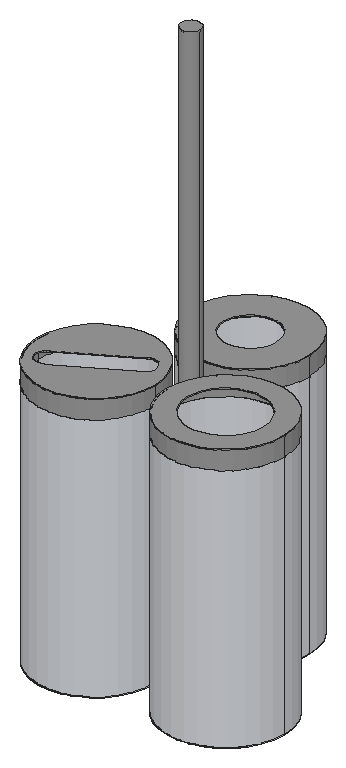
Revit family "Урна для раздельного сбора мусора ПА048", category Антураж, Revit 2017
Family settings
  На основе рабочей плоскости = Нет
  Всегда вертикально = Да
  При загрузке вырезать с полостями = Нет
  Источник визуального образа = Геометрия семейства
  Общий = Нет
  Точка расчета площади = Нет
Parameters (values of type "Урна для раздельного сбора мусора ПА048 шлифованная")
  Стоимость = 16975
  Изготовитель = "ООО «Хоббика»"
  Высота = 0 mm
  URL = "https://hobbyka.ru/product/urna_dlya_razdelnogo_sbora_musora_pa048/?sphrase_id=82880"
  ADSK_Размер_Ширина = 310 mm
  ADSK_Размер_Высота = 700 mm
  ADSK_Объем = 90.00 m³
  ADSK_Наименование = "Урна для раздельного сбора мусора ПА048"
  ADSK_Материал урны = Сталь, нержавеющая, шлифованная
  ADSK_Масса = 0.00 kg
  ADSK_Код изделия = "9698"
Types (3, lengths in mm): name | Стоимость
  (no name) | 16975
  Урна для раздельного сбора мусора ПА048 шлифованная | 16975
  Урна для раздельного сбора мусора ПА048 перфорированная с разноцветными емкостями | 21565
Reference planes
  plane 1 "По центру (Вперед/Назад)": y = 0
  plane 2: z = 0
  plane 3 "По центру (Влево/Вправо)": x = 0
  plane 4: z = 700
Forms (mm)
  Extrusion 1, solid, material "Сталь, нержавеющая, шлифованная" <- "ADSK_Материал урны"
    sketch origin (0, 0, 0) x (1, 0, 0) y (0, 1, 0)
      loop
        circle (0, 0) r 25.003
    from 0 to 1500
  Extrusion 2, solid
    sketch origin (0, 0, 0) x (1, 0, 0) y (0, 1, 0)
      loop
        circle (168.894, -97.448) r 155
      loop
        circle (-168.778, -97.448) r 155
      loop
        circle (0, 195.003) r 155
      loop
        circle (0, 195.003) r 153
      loop
        circle (168.894, -97.448) r 153
      loop
        circle (-168.778, -97.448) r 153
    from 0 to 650
  Extrusion 3, solid, material "Сталь, нержавеющая, шлифованная" <- "ADSK_Материал урны"
    sketch origin (0, 0, 0) x (1, 0, 0) y (0, 1, 0)
      loop
        circle (168.894, -97.448) r 155
      loop
        circle (-168.778, -97.448) r 155
      loop
        circle (0, 195.003) r 155
      loop
        circle (0, 195.003) r 153
      loop
        circle (168.894, -97.448) r 153
      loop
        circle (-168.778, -97.448) r 153
    from 650 to 700
  Extrusion 4, solid, material "Сталь, нержавеющая, шлифованная" <- "ADSK_Материал урны"
    sketch origin (0, 0, 0) x (1, 0, 0) y (0, 1, 0)
      loop
        circle (0, 195.003) r 155
      loop
        circle (168.894, -97.448) r 155
      loop
        circle (-168.778, -97.448) r 155
      loop
        line (-240.38, -173.462) -> (-67.175, -73.462) -> (-60.962, -68.695) -> (-56.194, -62.482) -> (-53.197, -55.246) -> (-52.175, -47.482) -> (-53.197, -39.717) -> (-56.194, -32.482) -> (-60.962, -26.268) -> (-67.175, -21.501) -> (-74.41, -18.504) -> (-82.175, -17.482) -> (-89.94, -18.504) -> (-97.175, -21.501) -> (-270.38, -121.501) -> (-276.593, -126.268) -> (-281.361, -132.482) -> (-284.358, -139.717) -> (-285.38, -147.482) -> (-284.358, -155.246) -> (-281.361, -162.482) -> (-276.593, -168.695) -> (-270.38, -173.462) -> (-263.145, -176.459) -> (-255.38, -177.482) -> (-247.616, -176.459) -> (-240.38, -173.462)
      loop
        circle (0, 195.003) r 69.995
      loop
        circle (168.894, -97.448) r 100
    from 698 to 700
  Extrusion 5, solid
    sketch origin (0, 0, 0) x (1, 0, 0) y (0, 1, 0)
      loop
        line (65.767, 45.664) -> (63.797, 48.375) -> (53.363, 45.816) -> (42.827, 43.715) -> (32.209, 42.077) -> (21.529, 40.905) -> (10.809, 40.201) -> (5.105, 40.076) -> (3.314, 40.001) -> (1.673, 40.001) -> (0.888, 39.984) -> (0.068, 40.001) -> (-0.752, 39.984) -> (-1.537, 40.001) -> (-3.178, 40.001) -> (-4.969, 40.076) -> (-10.673, 40.201) -> (-21.393, 40.905) -> (-32.073, 42.077) -> (-42.691, 43.715) -> (-53.227, 45.816) -> (-63.661, 48.375) -> (-65.631, 45.664) -> (-67.486, 42.872) -> (-69.222, 40.006) -> (-70.836, 37.069) -> (-72.326, 34.068) -> (-73.689, 31.006) -> (-66.256, 23.249) -> (-59.169, 15.175) -> (-52.441, 6.798) -> (-46.087, -1.864) -> (-40.117, -10.797) -> (-37.156, -15.674) -> (-36.196, -17.187) -> (-35.375, -18.609) -> (-34.543, -19.981) -> (-33.771, -21.388) -> (-32.95, -22.81) -> (-32.12, -24.398) -> (-29.376, -29.4) -> (-24.625, -39.037) -> (-20.301, -48.871) -> (-16.41, -58.886) -> (-12.961, -69.061) -> (-9.96, -79.376) -> (-6.627, -79.727) -> (-3.282, -79.937) -> (0.068, -80.007) -> (3.418, -79.937) -> (6.763, -79.727) -> (10.096, -79.376) -> (13.107, -69.065) -> (16.564, -58.893) -> (20.46, -48.883) -> (24.789, -39.051) -> (29.542, -29.417) -> (31.458, -25.924) -> (33.086, -22.81) -> (36.332, -17.187) -> (38.215, -14.221) -> (40.282, -10.814) -> (46.249, -1.882) -> (52.599, 6.783) -> (59.32, 15.163) -> (66.4, 23.243) -> (73.825, 31.006) -> (72.462, 34.068) -> (70.972, 37.069) -> (69.358, 40.006) -> (67.622, 42.872) -> (65.767, 45.664)
      loop
        circle (0, 0) r 25.003
    from 99 to 100
  Extrusion 6, solid
    sketch origin (0, 0, 0) x (1, 0, 0) y (0, 1, 0)
      loop
        line (65.767, 45.664) -> (63.797, 48.375) -> (53.363, 45.816) -> (42.827, 43.715) -> (32.209, 42.077) -> (21.529, 40.905) -> (10.809, 40.201) -> (5.105, 40.076) -> (3.314, 40.001) -> (1.673, 40.001) -> (0.888, 39.984) -> (0.068, 40.001) -> (-0.752, 39.984) -> (-1.537, 40.001) -> (-3.178, 40.001) -> (-4.969, 40.076) -> (-10.673, 40.201) -> (-21.393, 40.905) -> (-32.073, 42.077) -> (-42.691, 43.715) -> (-53.227, 45.816) -> (-63.661, 48.375) -> (-65.631, 45.664) -> (-67.486, 42.872) -> (-69.222, 40.006) -> (-70.836, 37.069) -> (-72.326, 34.068) -> (-73.689, 31.006) -> (-66.256, 23.249) -> (-59.169, 15.175) -> (-52.441, 6.798) -> (-46.087, -1.864) -> (-40.117, -10.797) -> (-37.156, -15.674) -> (-36.196, -17.187) -> (-35.375, -18.609) -> (-34.543, -19.981) -> (-33.771, -21.388) -> (-32.95, -22.81) -> (-32.12, -24.398) -> (-29.376, -29.4) -> (-24.625, -39.037) -> (-20.301, -48.871) -> (-16.41, -58.886) -> (-12.961, -69.061) -> (-9.96, -79.376) -> (-6.627, -79.727) -> (-3.282, -79.937) -> (0.068, -80.007) -> (3.418, -79.937) -> (6.763, -79.727) -> (10.096, -79.376) -> (13.107, -69.065) -> (16.564, -58.893) -> (20.46, -48.883) -> (24.789, -39.051) -> (29.542, -29.417) -> (31.458, -25.924) -> (33.086, -22.81) -> (36.332, -17.187) -> (38.215, -14.221) -> (40.282, -10.814) -> (46.249, -1.882) -> (52.599, 6.783) -> (59.32, 15.163) -> (66.4, 23.243) -> (73.825, 31.006) -> (72.462, 34.068) -> (70.972, 37.069) -> (69.358, 40.006) -> (67.622, 42.872) -> (65.767, 45.664)
      loop
        circle (0, 0) r 25.003
    from 599 to 600
  Extrusion 7, solid
    sketch origin (0, 0, 0) x (1, 0, 0) y (0, 1, 0)
      loop
        circle (0, 195.003) r 155
      loop
        circle (168.894, -97.448) r 155
      loop
        circle (-168.778, -97.448) r 155
    from 0 to 2
  Extrusion 8, solid
    sketch origin (0, 0, 0) x (1, 0, 0) y (0, 1, 0)
      loop
        line (65.767, 45.664) -> (63.797, 48.375) -> (53.363, 45.816) -> (42.827, 43.715) -> (32.209, 42.077) -> (21.529, 40.905) -> (10.809, 40.201) -> (5.105, 40.076) -> (3.314, 40.001) -> (1.673, 40.001) -> (0.888, 39.984) -> (0.068, 40.001) -> (-0.752, 39.984) -> (-1.537, 40.001) -> (-3.178, 40.001) -> (-4.969, 40.076) -> (-10.673, 40.201) -> (-21.393, 40.905) -> (-32.073, 42.077) -> (-42.691, 43.715) -> (-53.227, 45.816) -> (-63.661, 48.375) -> (-65.631, 45.664) -> (-67.486, 42.872) -> (-69.222, 40.006) -> (-70.836, 37.069) -> (-72.326, 34.068) -> (-73.689, 31.006) -> (-66.256, 23.249) -> (-59.169, 15.175) -> (-52.441, 6.798) -> (-46.087, -1.864) -> (-40.117, -10.797) -> (-37.156, -15.674) -> (-36.196, -17.187) -> (-35.375, -18.609) -> (-34.543, -19.981) -> (-33.771, -21.388) -> (-32.95, -22.81) -> (-32.12, -24.398) -> (-29.376, -29.4) -> (-24.625, -39.037) -> (-20.301, -48.871) -> (-16.41, -58.886) -> (-12.961, -69.061) -> (-9.96, -79.376) -> (-6.627, -79.727) -> (-3.282, -79.937) -> (0.068, -80.007) -> (3.418, -79.937) -> (6.763, -79.727) -> (10.096, -79.376) -> (13.107, -69.065) -> (16.564, -58.893) -> (20.46, -48.883) -> (24.789, -39.051) -> (29.542, -29.417) -> (31.458, -25.924) -> (33.086, -22.81) -> (36.332, -17.187) -> (38.215, -14.221) -> (40.282, -10.814) -> (46.249, -1.882) -> (52.599, 6.783) -> (59.32, 15.163) -> (66.4, 23.243) -> (73.825, 31.006) -> (72.462, 34.068) -> (70.972, 37.069) -> (69.358, 40.006) -> (67.622, 42.872) -> (65.767, 45.664)
      loop
        circle (0, 0) r 25.003
      loop
        circle (56.24, 32.385) r 7
      loop
        circle (-56.24, 32.385) r 7
      loop
        circle (0, -64.985) r 7
    from 0 to 2
Cuts and joins
  joined: Extrusion 3, Extrusion 4
  joined: Extrusion 2, Extrusion 7
Dimensions and locks
  "ADSK_Размер_Высота": plane 4 to level
  aligned and locked: level to plane 2
  aligned and locked: plane 4 to Extrusion 3
  aligned and locked: Extrusion 3 to Extrusion 2
  aligned and locked: plane 4 to Extrusion 4
Automatic sketch dimensions
  plane 1 "По центру (Вперед/Назад)" to Extrusion 1 sketch curve = 0 mm
  Extrusion 1 sketch curve to plane 3 "По центру (Влево/Вправо)" = 0 mm
  Extrusion 2 sketch curve to plane 3 "По центру (Влево/Вправо)" = 0 mm
  Extrusion 2 sketch curve to plane 3 "По центру (Влево/Вправо)" = 168.778 mm
  plane 3 "По центру (Влево/Вправо)" to Extrusion 2 sketch curve = 168.894 mm
  plane 1 "По центру (Вперед/Назад)" to Extrusion 2 sketch curve = 97.448 mm  (x2)
  Extrusion 2 sketch curve to plane 1 "По центру (Вперед/Назад)" = 195.003 mm
  Extrusion 2 sketch curve to Extrusion 2 sketch curve = 0 mm  (x6)
  Extrusion 3 sketch curve to Extrusion 3 sketch curve = 0 mm  (x6)
  Extrusion 3 sketch curve to plane 3 "По центру (Влево/Вправо)" = 0 mm
  Extrusion 3 sketch curve to plane 3 "По центру (Влево/Вправо)" = 168.778 mm
  plane 3 "По центру (Влево/Вправо)" to Extrusion 3 sketch curve = 168.894 mm
  plane 1 "По центру (Вперед/Назад)" to Extrusion 3 sketch curve = 97.448 mm  (x2)
  Extrusion 3 sketch curve to plane 1 "По центру (Вперед/Назад)" = 195.003 mm
  Extrusion 4 sketch curve to Extrusion 4 sketch curve = 0 mm  (x4)
  Extrusion 4 sketch curve to plane 3 "По центру (Влево/Вправо)" = 0 mm
  Extrusion 4 sketch curve to plane 3 "По центру (Влево/Вправо)" = 168.778 mm
  plane 3 "По центру (Влево/Вправо)" to Extrusion 4 sketch curve = 168.894 mm
  plane 1 "По центру (Вперед/Назад)" to Extrusion 4 sketch curve = 97.448 mm  (x2)
  Extrusion 4 sketch curve to plane 1 "По центру (Вперед/Назад)" = 195.003 mm
  Extrusion 4 sketch curve to plane 3 "По центру (Влево/Вправо)" = 67.175 mm
  plane 1 "По центру (Вперед/Назад)" to Extrusion 4 sketch curve = 21.501 mm  (x2)
  Extrusion 4 sketch curve to Extrusion 4 sketch curve = 30 mm  (x2)
  Extrusion 4 sketch curve to Extrusion 4 sketch curve = 71.603 mm
  plane 1 "По центру (Вперед/Назад)" to Extrusion 4 sketch curve = 121.501 mm
  Extrusion 4 sketch curve to Extrusion 4 sketch curve = 51.962 mm  (x2)
  plane 1 "По центру (Вперед/Назад)" to Extrusion 4 sketch curve = 18.504 mm  (x2)
  Extrusion 4 sketch curve to Extrusion 4 sketch curve = 7.235 mm  (x7)
  plane 1 "По центру (Вперед/Назад)" to Extrusion 4 sketch curve = 17.482 mm
  Extrusion 4 sketch curve to Extrusion 4 sketch curve = 7.765 mm  (x7)
  plane 1 "По центру (Вперед/Назад)" to Extrusion 4 sketch curve = 26.268 mm
  Extrusion 4 sketch curve to Extrusion 4 sketch curve = 6.213 mm  (x6)
  Extrusion 4 sketch curve to Extrusion 4 sketch curve = 4.768 mm  (x4)
  Extrusion 4 sketch curve to Extrusion 4 sketch curve = 2.997 mm  (x6)
  Extrusion 4 sketch curve to Extrusion 4 sketch curve = 1.022 mm  (x6)
  plane 1 "По центру (Вперед/Назад)" to Extrusion 4 sketch curve = 139.717 mm
  plane 1 "По центру (Вперед/Назад)" to Extrusion 4 sketch curve = 132.482 mm
  plane 1 "По центру (Вперед/Назад)" to Extrusion 4 sketch curve = 126.268 mm
  plane 3 "По центру (Влево/Вправо)" to Extrusion 5 sketch curve = 65.767 mm
  Extrusion 5 sketch curve to plane 1 "По центру (Вперед/Назад)" = 45.664 mm  (x2)
  Extrusion 5 sketch curve to Extrusion 5 sketch curve = 1.97 mm  (x2)
  Extrusion 5 sketch curve to Extrusion 5 sketch curve = 1.855 mm  (x2)
  Extrusion 5 sketch curve to Extrusion 5 sketch curve = 2.791 mm  (x2)
  Extrusion 5 sketch curve to Extrusion 5 sketch curve = 2.711 mm  (x2)
  Extrusion 5 sketch curve to Extrusion 5 sketch curve = 1.736 mm  (x2)
  Extrusion 5 sketch curve to Extrusion 5 sketch curve = 2.866 mm  (x2)
  Extrusion 5 sketch curve to Extrusion 5 sketch curve = 1.614 mm  (x2)
  Extrusion 5 sketch curve to Extrusion 5 sketch curve = 2.937 mm  (x2)
  Extrusion 5 sketch curve to plane 1 "По центру (Вперед/Назад)" = 34.068 mm  (x2)
  Extrusion 5 sketch curve to Extrusion 5 sketch curve = 1.49 mm  (x2)
  Extrusion 5 sketch curve to plane 1 "По центру (Вперед/Назад)" = 31.006 mm  (x2)
  Extrusion 5 sketch curve to Extrusion 5 sketch curve = 1.363 mm  (x2)
  Extrusion 5 sketch curve to plane 1 "По центру (Вперед/Назад)" = 23.243 mm
  Extrusion 5 sketch curve to Extrusion 5 sketch curve = 7.425 mm
  Extrusion 5 sketch curve to plane 1 "По центру (Вперед/Назад)" = 15.163 mm
  Extrusion 5 sketch curve to Extrusion 5 sketch curve = 7.08 mm
  Extrusion 5 sketch curve to plane 1 "По центру (Вперед/Назад)" = 6.783 mm
  Extrusion 5 sketch curve to Extrusion 5 sketch curve = 6.721 mm
  plane 1 "По центру (Вперед/Назад)" to Extrusion 5 sketch curve = 1.882 mm
  Extrusion 5 sketch curve to Extrusion 5 sketch curve = 6.35 mm
  plane 1 "По центру (Вперед/Назад)" to Extrusion 5 sketch curve = 10.814 mm
  Extrusion 5 sketch curve to Extrusion 5 sketch curve = 5.967 mm
  Extrusion 5 sketch curve to plane 3 "По центру (Влево/Вправо)" = 6.627 mm
  plane 1 "По центру (Вперед/Назад)" to Extrusion 5 sketch curve = 79.727 mm
  Extrusion 5 sketch curve to plane 3 "По центру (Влево/Вправо)" = 3.282 mm
  Extrusion 5 sketch curve to Extrusion 5 sketch curve = 3.333 mm  (x2)
  Extrusion 5 sketch curve to Extrusion 5 sketch curve = 0.35 mm  (x2)
  Extrusion 5 sketch curve to Extrusion 5 sketch curve = 0.21 mm  (x2)
  plane 3 "По центру (Влево/Вправо)" to Extrusion 5 sketch curve = 0.068 mm  (x2)
  Extrusion 5 sketch curve to Extrusion 5 sketch curve = 0.07 mm  (x2)
  Extrusion 5 sketch curve to Extrusion 5 sketch curve = 3.35 mm
  Extrusion 5 sketch curve to Extrusion 5 sketch curve = 3.345 mm
  Extrusion 5 sketch curve to Extrusion 5 sketch curve = 3.011 mm
  Extrusion 5 sketch curve to Extrusion 5 sketch curve = 10.312 mm
  Extrusion 5 sketch curve to Extrusion 5 sketch curve = 3.457 mm
  Extrusion 5 sketch curve to Extrusion 5 sketch curve = 10.171 mm
  Extrusion 5 sketch curve to Extrusion 5 sketch curve = 3.897 mm
  Extrusion 5 sketch curve to Extrusion 5 sketch curve = 10.011 mm
  Extrusion 5 sketch curve to Extrusion 5 sketch curve = 4.329 mm
  Extrusion 5 sketch curve to Extrusion 5 sketch curve = 9.832 mm
  Extrusion 5 sketch curve to Extrusion 5 sketch curve = 4.753 mm
  Extrusion 5 sketch curve to Extrusion 5 sketch curve = 9.634 mm
  Extrusion 5 sketch curve to Extrusion 5 sketch curve = 1.917 mm
  Extrusion 5 sketch curve to Extrusion 5 sketch curve = 3.493 mm
  Extrusion 5 sketch curve to Extrusion 5 sketch curve = 1.628 mm
  Extrusion 5 sketch curve to Extrusion 5 sketch curve = 3.114 mm
  plane 1 "По центру (Вперед/Назад)" to Extrusion 5 sketch curve = 17.187 mm  (x2)
  Extrusion 5 sketch curve to Extrusion 5 sketch curve = 3.246 mm
  plane 1 "По центру (Вперед/Назад)" to Extrusion 5 sketch curve = 14.221 mm
  Extrusion 5 sketch curve to Extrusion 5 sketch curve = 1.883 mm
  Extrusion 5 sketch curve to Extrusion 5 sketch curve = 3.001 mm
  Extrusion 5 sketch curve to Extrusion 5 sketch curve = 10.316 mm
  Extrusion 5 sketch curve to Extrusion 5 sketch curve = 3.449 mm
  Extrusion 5 sketch curve to Extrusion 5 sketch curve = 10.175 mm
  Extrusion 5 sketch curve to Extrusion 5 sketch curve = 3.891 mm
  Extrusion 5 sketch curve to Extrusion 5 sketch curve = 10.014 mm
  Extrusion 5 sketch curve to Extrusion 5 sketch curve = 4.325 mm
  Extrusion 5 sketch curve to Extrusion 5 sketch curve = 9.835 mm
  Extrusion 5 sketch curve to Extrusion 5 sketch curve = 4.75 mm
  Extrusion 5 sketch curve to Extrusion 5 sketch curve = 9.636 mm
  Extrusion 5 sketch curve to plane 3 "По центру (Влево/Вправо)" = 65.631 mm
  Extrusion 5 sketch curve to plane 1 "По центру (Вперед/Назад)" = 23.249 mm
  Extrusion 5 sketch curve to Extrusion 5 sketch curve = 7.433 mm
  Extrusion 5 sketch curve to Extrusion 5 sketch curve = 10.434 mm  (x2)
  Extrusion 5 sketch curve to Extrusion 5 sketch curve = 2.559 mm  (x2)
  Extrusion 5 sketch curve to Extrusion 5 sketch curve = 10.536 mm  (x2)
  Extrusion 5 sketch curve to Extrusion 5 sketch curve = 2.1 mm  (x2)
  Extrusion 5 sketch curve to Extrusion 5 sketch curve = 10.618 mm  (x2)
  Extrusion 5 sketch curve to Extrusion 5 sketch curve = 1.638 mm  (x2)
  Extrusion 5 sketch curve to Extrusion 5 sketch curve = 10.679 mm  (x2)
  Extrusion 5 sketch curve to Extrusion 5 sketch curve = 1.172 mm  (x2)
  Extrusion 5 sketch curve to plane 3 "По центру (Влево/Вправо)" = 10.673 mm
  Extrusion 5 sketch curve to Extrusion 5 sketch curve = 0.704 mm  (x2)
  Extrusion 5 sketch curve to plane 3 "По центру (Влево/Вправо)" = 4.969 mm
  Extrusion 5 sketch curve to Extrusion 5 sketch curve = 0.125 mm  (x2)
  Extrusion 5 sketch curve to Extrusion 5 sketch curve = 1.791 mm  (x2)
  Extrusion 5 sketch curve to Extrusion 5 sketch curve = 0.075 mm  (x2)
  Extrusion 5 sketch curve to Extrusion 5 sketch curve = 10.72 mm
  plane 3 "По центру (Влево/Вправо)" to Extrusion 5 sketch curve = 5.105 mm
  Extrusion 5 sketch curve to Extrusion 5 sketch curve = 1.642 mm
  Extrusion 5 sketch curve to Extrusion 5 sketch curve = 0.785 mm
  Extrusion 5 sketch curve to Extrusion 5 sketch curve = 0.017 mm  (x3)
  Extrusion 5 sketch curve to plane 3 "По центру (Влево/Вправо)" = 1.537 mm
  Extrusion 5 sketch curve to plane 3 "По центру (Влево/Вправо)" = 0.752 mm
  Extrusion 5 sketch curve to plane 1 "По центру (Вперед/Назад)" = 15.175 mm
  Extrusion 5 sketch curve to Extrusion 5 sketch curve = 7.087 mm
  Extrusion 5 sketch curve to plane 1 "По центру (Вперед/Назад)" = 6.798 mm
  Extrusion 5 sketch curve to Extrusion 5 sketch curve = 6.727 mm
  plane 1 "По центру (Вперед/Назад)" to Extrusion 5 sketch curve = 1.864 mm
  Extrusion 5 sketch curve to Extrusion 5 sketch curve = 6.355 mm
  plane 1 "По центру (Вперед/Назад)" to Extrusion 5 sketch curve = 10.797 mm
  Extrusion 5 sketch curve to Extrusion 5 sketch curve = 5.97 mm
  plane 1 "По центру (Вперед/Назад)" to Extrusion 5 sketch curve = 15.674 mm
  Extrusion 5 sketch curve to Extrusion 5 sketch curve = 2.96 mm
  Extrusion 5 sketch curve to Extrusion 5 sketch curve = 0.96 mm
  Extrusion 5 sketch curve to Extrusion 5 sketch curve = 0.821 mm
  Extrusion 5 sketch curve to Extrusion 5 sketch curve = 1.422 mm
  Extrusion 5 sketch curve to Extrusion 5 sketch curve = 0.833 mm
  Extrusion 5 sketch curve to Extrusion 5 sketch curve = 1.372 mm
  Extrusion 5 sketch curve to Extrusion 5 sketch curve = 2.423 mm
  Extrusion 5 sketch curve to Extrusion 5 sketch curve = 4.417 mm
  Extrusion 5 sketch curve to Extrusion 5 sketch curve = 0.83 mm
  Extrusion 5 sketch curve to Extrusion 5 sketch curve = 1.588 mm
  Extrusion 5 sketch curve to Extrusion 5 sketch curve = 0.772 mm
  Extrusion 5 sketch curve to Extrusion 5 sketch curve = 1.407 mm
  Extrusion 5 sketch curve to Extrusion 5 sketch curve = 0 mm  (x2)
  plane 1 "По центру (Вперед/Назад)" to Extrusion 5 sketch curve = 0 mm
  Extrusion 5 sketch curve to plane 3 "По центру (Влево/Вправо)" = 0 mm
  Extrusion 5 sketch curve to Extrusion 5 sketch curve = 15.114 mm
  Extrusion 6 sketch curve to Extrusion 6 sketch curve = 0 mm  (x3)
  plane 1 "По центру (Вперед/Назад)" to Extrusion 6 sketch curve = 0 mm
  Extrusion 6 sketch curve to plane 3 "По центру (Влево/Вправо)" = 0 mm
  Extrusion 6 sketch curve to plane 3 "По центру (Влево/Вправо)" = 0.752 mm
  Extrusion 6 sketch curve to Extrusion 6 sketch curve = 0.785 mm  (x2)
  Extrusion 6 sketch curve to Extrusion 6 sketch curve = 1.642 mm  (x2)
  Extrusion 6 sketch curve to plane 3 "По центру (Влево/Вправо)" = 3.282 mm
  Extrusion 6 sketch curve to Extrusion 6 sketch curve = 1.791 mm  (x2)
  Extrusion 6 sketch curve to Extrusion 6 sketch curve = 3.345 mm  (x2)
  Extrusion 6 sketch curve to Extrusion 6 sketch curve = 3.333 mm  (x2)
  Extrusion 6 sketch curve to Extrusion 6 sketch curve = 5.704 mm  (x2)
  Extrusion 6 sketch curve to Extrusion 6 sketch curve = 3.001 mm
  Extrusion 6 sketch curve to Extrusion 6 sketch curve = 3.449 mm
  Extrusion 6 sketch curve to Extrusion 6 sketch curve = 3.891 mm
  Extrusion 6 sketch curve to Extrusion 6 sketch curve = 10.72 mm  (x2)
  Extrusion 6 sketch curve to Extrusion 6 sketch curve = 4.325 mm
  Extrusion 6 sketch curve to Extrusion 6 sketch curve = 4.75 mm
  Extrusion 6 sketch curve to Extrusion 6 sketch curve = 10.679 mm  (x2)
  Extrusion 6 sketch curve to Extrusion 6 sketch curve = 2.744 mm
  Extrusion 6 sketch curve to Extrusion 6 sketch curve = 0.83 mm
  Extrusion 6 sketch curve to Extrusion 6 sketch curve = 0.821 mm  (x2)
  Extrusion 6 sketch curve to Extrusion 6 sketch curve = 0.772 mm
  Extrusion 6 sketch curve to Extrusion 6 sketch curve = 0.833 mm
  plane 1 "По центру (Вперед/Назад)" to Extrusion 6 sketch curve = 17.187 mm  (x2)
  plane 1 "По центру (Вперед/Назад)" to Extrusion 6 sketch curve = 15.674 mm
  Extrusion 6 sketch curve to Extrusion 6 sketch curve = 0.96 mm
  plane 1 "По центру (Вперед/Назад)" to Extrusion 6 sketch curve = 10.797 mm
  Extrusion 6 sketch curve to Extrusion 6 sketch curve = 2.96 mm
  Extrusion 6 sketch curve to Extrusion 6 sketch curve = 10.618 mm  (x2)
  plane 1 "По центру (Вперед/Назад)" to Extrusion 6 sketch curve = 1.864 mm
  Extrusion 6 sketch curve to Extrusion 6 sketch curve = 5.97 mm
  Extrusion 6 sketch curve to plane 1 "По центру (Вперед/Назад)" = 6.798 mm
  Extrusion 6 sketch curve to Extrusion 6 sketch curve = 6.355 mm
  Extrusion 6 sketch curve to Extrusion 6 sketch curve = 10.536 mm  (x2)
  Extrusion 6 sketch curve to plane 1 "По центру (Вперед/Назад)" = 15.175 mm
  Extrusion 6 sketch curve to Extrusion 6 sketch curve = 6.727 mm
  Extrusion 6 sketch curve to Extrusion 6 sketch curve = 10.434 mm  (x2)
  Extrusion 6 sketch curve to Extrusion 6 sketch curve = 1.97 mm  (x2)
  Extrusion 6 sketch curve to plane 1 "По центру (Вперед/Назад)" = 23.249 mm
  Extrusion 6 sketch curve to Extrusion 6 sketch curve = 7.087 mm
  Extrusion 6 sketch curve to Extrusion 6 sketch curve = 1.855 mm  (x2)
  Extrusion 6 sketch curve to Extrusion 6 sketch curve = 1.736 mm  (x2)
  Extrusion 6 sketch curve to Extrusion 6 sketch curve = 1.614 mm  (x2)
  Extrusion 6 sketch curve to plane 1 "По центру (Вперед/Назад)" = 34.068 mm  (x2)
  Extrusion 6 sketch curve to Extrusion 6 sketch curve = 1.49 mm  (x2)
  Extrusion 6 sketch curve to plane 1 "По центру (Вперед/Назад)" = 31.006 mm  (x2)
  Extrusion 6 sketch curve to Extrusion 6 sketch curve = 1.363 mm  (x2)
  plane 3 "По центру (Влево/Вправо)" to Extrusion 6 sketch curve = 0.068 mm  (x2)
  Extrusion 6 sketch curve to Extrusion 6 sketch curve = 0.82 mm
  Extrusion 6 sketch curve to Extrusion 6 sketch curve = 3.35 mm
  Extrusion 6 sketch curve to Extrusion 6 sketch curve = 3.011 mm
  Extrusion 6 sketch curve to Extrusion 6 sketch curve = 3.457 mm
  Extrusion 6 sketch curve to Extrusion 6 sketch curve = 3.897 mm
  Extrusion 6 sketch curve to Extrusion 6 sketch curve = 4.329 mm
  Extrusion 6 sketch curve to Extrusion 6 sketch curve = 4.753 mm
  Extrusion 6 sketch curve to Extrusion 6 sketch curve = 1.917 mm
  Extrusion 6 sketch curve to Extrusion 6 sketch curve = 1.628 mm
  Extrusion 6 sketch curve to Extrusion 6 sketch curve = 3.246 mm
  plane 1 "По центру (Вперед/Назад)" to Extrusion 6 sketch curve = 14.221 mm
  Extrusion 6 sketch curve to Extrusion 6 sketch curve = 1.883 mm
  plane 1 "По центру (Вперед/Назад)" to Extrusion 6 sketch curve = 10.814 mm
  Extrusion 6 sketch curve to Extrusion 6 sketch curve = 2.067 mm
  plane 1 "По центру (Вперед/Назад)" to Extrusion 6 sketch curve = 1.882 mm
  Extrusion 6 sketch curve to Extrusion 6 sketch curve = 5.967 mm
  Extrusion 6 sketch curve to plane 1 "По центру (Вперед/Назад)" = 6.783 mm
  Extrusion 6 sketch curve to Extrusion 6 sketch curve = 6.35 mm
  Extrusion 6 sketch curve to plane 1 "По центру (Вперед/Назад)" = 15.163 mm
  Extrusion 6 sketch curve to Extrusion 6 sketch curve = 6.721 mm
  Extrusion 6 sketch curve to plane 1 "По центру (Вперед/Назад)" = 23.243 mm
  Extrusion 6 sketch curve to Extrusion 6 sketch curve = 7.08 mm
  Extrusion 6 sketch curve to Extrusion 6 sketch curve = 1.422 mm  (x2)
  Extrusion 6 sketch curve to Extrusion 6 sketch curve = 1.372 mm
  Extrusion 6 sketch curve to Extrusion 6 sketch curve = 1.407 mm
  Extrusion 6 sketch curve to Extrusion 6 sketch curve = 5.622 mm
  Extrusion 6 sketch curve to Extrusion 6 sketch curve = 1.588 mm
  Extrusion 6 sketch curve to Extrusion 6 sketch curve = 3.114 mm
  Extrusion 6 sketch curve to Extrusion 6 sketch curve = 5.002 mm
  Extrusion 6 sketch curve to Extrusion 6 sketch curve = 3.493 mm
  Extrusion 6 sketch curve to Extrusion 6 sketch curve = 9.636 mm
  Extrusion 6 sketch curve to Extrusion 6 sketch curve = 9.634 mm
  Extrusion 6 sketch curve to Extrusion 6 sketch curve = 9.835 mm
  Extrusion 6 sketch curve to Extrusion 6 sketch curve = 9.832 mm
  Extrusion 6 sketch curve to Extrusion 6 sketch curve = 10.014 mm
  Extrusion 6 sketch curve to Extrusion 6 sketch curve = 10.011 mm
  Extrusion 6 sketch curve to Extrusion 6 sketch curve = 10.175 mm
  Extrusion 6 sketch curve to Extrusion 6 sketch curve = 10.171 mm
  Extrusion 6 sketch curve to Extrusion 6 sketch curve = 10.312 mm
  Extrusion 6 sketch curve to Extrusion 6 sketch curve = 10.316 mm
  Extrusion 6 sketch curve to Extrusion 6 sketch curve = 0.35 mm  (x2)
  Extrusion 6 sketch curve to Extrusion 6 sketch curve = 0.21 mm  (x2)
  Extrusion 6 sketch curve to Extrusion 6 sketch curve = 0.07 mm
  Extrusion 6 sketch curve to Extrusion 6 sketch curve = 3.002 mm  (x2)
  Extrusion 6 sketch curve to plane 1 "По центру (Вперед/Назад)" = 39.984 mm
  Extrusion 6 sketch curve to Extrusion 6 sketch curve = 0.017 mm  (x3)
  Extrusion 6 sketch curve to Extrusion 6 sketch curve = 2.937 mm  (x2)
  Extrusion 6 sketch curve to Extrusion 6 sketch curve = 0.075 mm  (x2)
  Extrusion 6 sketch curve to Extrusion 6 sketch curve = 0.125 mm  (x2)
  Extrusion 6 sketch curve to Extrusion 6 sketch curve = 0.704 mm  (x2)
  Extrusion 6 sketch curve to Extrusion 6 sketch curve = 1.172 mm  (x2)
  Extrusion 6 sketch curve to Extrusion 6 sketch curve = 2.866 mm  (x2)
  Extrusion 6 sketch curve to Extrusion 6 sketch curve = 1.638 mm  (x2)
  Extrusion 6 sketch curve to Extrusion 6 sketch curve = 2.791 mm  (x2)
  Extrusion 6 sketch curve to Extrusion 6 sketch curve = 2.1 mm  (x2)
  Extrusion 6 sketch curve to Extrusion 6 sketch curve = 2.711 mm  (x2)
  Extrusion 6 sketch curve to Extrusion 6 sketch curve = 15.114 mm
  Extrusion 7 sketch curve to plane 3 "По центру (Влево/Вправо)" = 0 mm
  Extrusion 7 sketch curve to plane 1 "По центру (Вперед/Назад)" = 195.003 mm
  Extrusion 7 sketch curve to plane 3 "По центру (Влево/Вправо)" = 155 mm
  plane 3 "По центру (Влево/Вправо)" to Extrusion 7 sketch curve = 168.894 mm
  plane 1 "По центру (Вперед/Назад)" to Extrusion 7 sketch curve = 97.448 mm  (x2)
  plane 3 "По центру (Влево/Вправо)" to Extrusion 7 sketch curve = 13.894 mm
  Extrusion 7 sketch curve to Extrusion 7 sketch curve = 0 mm  (x2)
  Extrusion 7 sketch curve to plane 3 "По центру (Влево/Вправо)" = 168.778 mm
  Extrusion 7 sketch curve to Extrusion 7 sketch curve = 155 mm
  Extrusion 8 sketch curve to Extrusion 8 sketch curve = 0 mm  (x3)
  plane 1 "По центру (Вперед/Назад)" to Extrusion 8 sketch curve = 0 mm
  Extrusion 8 sketch curve to plane 3 "По центру (Влево/Вправо)" = 0 mm
  Extrusion 8 sketch curve to plane 3 "По центру (Влево/Вправо)" = 0.752 mm
  Extrusion 8 sketch curve to Extrusion 8 sketch curve = 0.785 mm  (x2)
  Extrusion 8 sketch curve to Extrusion 8 sketch curve = 1.642 mm  (x2)
  Extrusion 8 sketch curve to plane 3 "По центру (Влево/Вправо)" = 3.282 mm
  Extrusion 8 sketch curve to Extrusion 8 sketch curve = 1.791 mm  (x2)
  Extrusion 8 sketch curve to Extrusion 8 sketch curve = 3.345 mm  (x2)
  Extrusion 8 sketch curve to Extrusion 8 sketch curve = 3.333 mm  (x2)
  Extrusion 8 sketch curve to Extrusion 8 sketch curve = 5.704 mm  (x2)
  Extrusion 8 sketch curve to Extrusion 8 sketch curve = 3.001 mm
  Extrusion 8 sketch curve to Extrusion 8 sketch curve = 3.449 mm
  Extrusion 8 sketch curve to Extrusion 8 sketch curve = 3.891 mm
  Extrusion 8 sketch curve to Extrusion 8 sketch curve = 10.72 mm  (x2)
  Extrusion 8 sketch curve to Extrusion 8 sketch curve = 4.325 mm
  Extrusion 8 sketch curve to Extrusion 8 sketch curve = 4.75 mm
  Extrusion 8 sketch curve to Extrusion 8 sketch curve = 10.679 mm  (x2)
  Extrusion 8 sketch curve to Extrusion 8 sketch curve = 2.744 mm
  Extrusion 8 sketch curve to Extrusion 8 sketch curve = 0.83 mm
  Extrusion 8 sketch curve to Extrusion 8 sketch curve = 0.821 mm  (x2)
  Extrusion 8 sketch curve to Extrusion 8 sketch curve = 0.772 mm
  Extrusion 8 sketch curve to Extrusion 8 sketch curve = 0.833 mm
  plane 1 "По центру (Вперед/Назад)" to Extrusion 8 sketch curve = 17.187 mm  (x2)
  plane 1 "По центру (Вперед/Назад)" to Extrusion 8 sketch curve = 15.674 mm
  Extrusion 8 sketch curve to Extrusion 8 sketch curve = 0.96 mm
  plane 1 "По центру (Вперед/Назад)" to Extrusion 8 sketch curve = 10.797 mm
  Extrusion 8 sketch curve to Extrusion 8 sketch curve = 2.96 mm
  Extrusion 8 sketch curve to Extrusion 8 sketch curve = 10.618 mm  (x2)
  plane 1 "По центру (Вперед/Назад)" to Extrusion 8 sketch curve = 1.864 mm
  Extrusion 8 sketch curve to Extrusion 8 sketch curve = 5.97 mm
  Extrusion 8 sketch curve to plane 1 "По центру (Вперед/Назад)" = 6.798 mm
  Extrusion 8 sketch curve to Extrusion 8 sketch curve = 6.355 mm
  Extrusion 8 sketch curve to Extrusion 8 sketch curve = 10.536 mm  (x2)
  Extrusion 8 sketch curve to Extrusion 8 sketch curve = 3.013 mm
  Extrusion 8 sketch curve to plane 1 "По центру (Вперед/Назад)" = 15.175 mm
  Extrusion 8 sketch curve to Extrusion 8 sketch curve = 6.727 mm
  Extrusion 8 sketch curve to Extrusion 8 sketch curve = 10.434 mm  (x2)
  Extrusion 8 sketch curve to Extrusion 8 sketch curve = 1.97 mm  (x2)
  Extrusion 8 sketch curve to plane 1 "По центру (Вперед/Назад)" = 23.249 mm
  Extrusion 8 sketch curve to Extrusion 8 sketch curve = 7.087 mm
  Extrusion 8 sketch curve to Extrusion 8 sketch curve = 1.855 mm  (x2)
  Extrusion 8 sketch curve to Extrusion 8 sketch curve = 1.736 mm  (x2)
  Extrusion 8 sketch curve to Extrusion 8 sketch curve = 1.614 mm  (x2)
  Extrusion 8 sketch curve to plane 1 "По центру (Вперед/Назад)" = 34.068 mm  (x2)
  Extrusion 8 sketch curve to Extrusion 8 sketch curve = 1.49 mm  (x2)
  Extrusion 8 sketch curve to plane 1 "По центру (Вперед/Назад)" = 31.006 mm  (x2)
  Extrusion 8 sketch curve to Extrusion 8 sketch curve = 1.363 mm  (x2)
  plane 3 "По центру (Влево/Вправо)" to Extrusion 8 sketch curve = 0.068 mm  (x2)
  Extrusion 8 sketch curve to Extrusion 8 sketch curve = 0.82 mm
  Extrusion 8 sketch curve to Extrusion 8 sketch curve = 3.35 mm
  plane 3 "По центру (Влево/Вправо)" to Extrusion 8 sketch curve = 0 mm
  Extrusion 8 sketch curve to Extrusion 8 sketch curve = 3.011 mm
  Extrusion 8 sketch curve to Extrusion 8 sketch curve = 3.457 mm
  Extrusion 8 sketch curve to Extrusion 8 sketch curve = 3.897 mm
  Extrusion 8 sketch curve to Extrusion 8 sketch curve = 4.329 mm
  Extrusion 8 sketch curve to Extrusion 8 sketch curve = 4.753 mm
  Extrusion 8 sketch curve to Extrusion 8 sketch curve = 1.917 mm
  Extrusion 8 sketch curve to Extrusion 8 sketch curve = 1.628 mm
  Extrusion 8 sketch curve to Extrusion 8 sketch curve = 3.246 mm
  plane 1 "По центру (Вперед/Назад)" to Extrusion 8 sketch curve = 14.221 mm
  Extrusion 8 sketch curve to Extrusion 8 sketch curve = 1.883 mm
  plane 1 "По центру (Вперед/Назад)" to Extrusion 8 sketch curve = 10.814 mm
  Extrusion 8 sketch curve to Extrusion 8 sketch curve = 2.067 mm
  plane 1 "По центру (Вперед/Назад)" to Extrusion 8 sketch curve = 1.882 mm
  Extrusion 8 sketch curve to Extrusion 8 sketch curve = 5.967 mm
  Extrusion 8 sketch curve to plane 1 "По центру (Вперед/Назад)" = 6.783 mm
  Extrusion 8 sketch curve to Extrusion 8 sketch curve = 6.35 mm
  Extrusion 8 sketch curve to Extrusion 8 sketch curve = 2.877 mm
  Extrusion 8 sketch curve to plane 1 "По центру (Вперед/Назад)" = 15.163 mm
  Extrusion 8 sketch curve to Extrusion 8 sketch curve = 6.721 mm
  Extrusion 8 sketch curve to plane 1 "По центру (Вперед/Назад)" = 23.243 mm
  Extrusion 8 sketch curve to Extrusion 8 sketch curve = 7.08 mm
  Extrusion 8 sketch curve to Extrusion 8 sketch curve = 1.422 mm  (x2)
  Extrusion 8 sketch curve to Extrusion 8 sketch curve = 1.372 mm
  Extrusion 8 sketch curve to Extrusion 8 sketch curve = 1.407 mm
  Extrusion 8 sketch curve to Extrusion 8 sketch curve = 5.622 mm
  Extrusion 8 sketch curve to Extrusion 8 sketch curve = 1.588 mm
  Extrusion 8 sketch curve to Extrusion 8 sketch curve = 3.114 mm
  Extrusion 8 sketch curve to Extrusion 8 sketch curve = 5.002 mm
  Extrusion 8 sketch curve to Extrusion 8 sketch curve = 3.493 mm
  Extrusion 8 sketch curve to Extrusion 8 sketch curve = 9.636 mm
  Extrusion 8 sketch curve to Extrusion 8 sketch curve = 9.634 mm
  Extrusion 8 sketch curve to Extrusion 8 sketch curve = 25.935 mm
  Extrusion 8 sketch curve to Extrusion 8 sketch curve = 9.835 mm
  Extrusion 8 sketch curve to Extrusion 8 sketch curve = 9.832 mm
  Extrusion 8 sketch curve to Extrusion 8 sketch curve = 10.014 mm
  Extrusion 8 sketch curve to Extrusion 8 sketch curve = 10.011 mm
  Extrusion 8 sketch curve to Extrusion 8 sketch curve = 10.175 mm
  Extrusion 8 sketch curve to Extrusion 8 sketch curve = 10.171 mm
  Extrusion 8 sketch curve to Extrusion 8 sketch curve = 10.312 mm
  Extrusion 8 sketch curve to Extrusion 8 sketch curve = 10.316 mm
  Extrusion 8 sketch curve to Extrusion 8 sketch curve = 0.35 mm  (x2)
  Extrusion 8 sketch curve to Extrusion 8 sketch curve = 0.21 mm  (x2)
  Extrusion 8 sketch curve to Extrusion 8 sketch curve = 0.07 mm
  Extrusion 8 sketch curve to Extrusion 8 sketch curve = 9.142 mm
  Extrusion 8 sketch curve to Extrusion 8 sketch curve = 9.136 mm
  Extrusion 8 sketch curve to Extrusion 8 sketch curve = 3.002 mm  (x2)
  Extrusion 8 sketch curve to plane 1 "По центру (Вперед/Назад)" = 39.984 mm
  Extrusion 8 sketch curve to Extrusion 8 sketch curve = 0.017 mm  (x3)
  Extrusion 8 sketch curve to Extrusion 8 sketch curve = 2.937 mm  (x2)
  Extrusion 8 sketch curve to Extrusion 8 sketch curve = 0.075 mm  (x2)
  Extrusion 8 sketch curve to Extrusion 8 sketch curve = 0.125 mm  (x2)
  Extrusion 8 sketch curve to Extrusion 8 sketch curve = 0.704 mm  (x2)
  Extrusion 8 sketch curve to Extrusion 8 sketch curve = 1.172 mm  (x2)
  Extrusion 8 sketch curve to Extrusion 8 sketch curve = 2.866 mm  (x2)
  Extrusion 8 sketch curve to Extrusion 8 sketch curve = 1.638 mm  (x2)
  Extrusion 8 sketch curve to Extrusion 8 sketch curve = 2.791 mm  (x2)
  Extrusion 8 sketch curve to Extrusion 8 sketch curve = 2.1 mm  (x2)
  Extrusion 8 sketch curve to Extrusion 8 sketch curve = 2.711 mm  (x2)
  Extrusion 8 sketch curve to Extrusion 8 sketch curve = 15.114 mm
  radius of Extrusion 1 sketch curve = 25.003 mm
  radius of Extrusion 2 sketch curve = 155 mm  (x3)
  radius of Extrusion 2 sketch curve = 153 mm  (x3)
  radius of Extrusion 3 sketch curve = 155 mm  (x3)
  radius of Extrusion 3 sketch curve = 153 mm  (x3)
  radius of Extrusion 4 sketch curve = 155 mm  (x3)
  radius of Extrusion 4 sketch curve = 69.995 mm
  radius of Extrusion 4 sketch curve = 100 mm
  radius of Extrusion 8 sketch curve = 7 mm  (x3)
